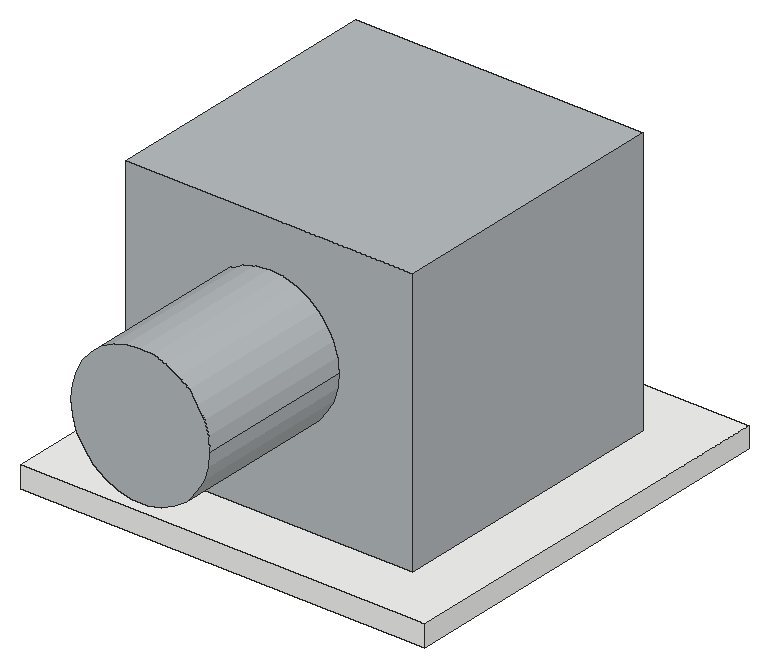
Revit family "vd-10z(s)j14_60Hz", category 機械設備, Revit 2019
Family settings
  丸型コネクタ寸法 = 直径を使用
  パーツ タイプ = 標準
  OmniClass 番号 = 23.75.35.17.27
  OmniClass タイトル = Centrifugal Fans
  作業面ベース = いいえ
  常に垂直 = はい
  ロード時にボイドで切り取り = いいえ
  共有 = いいえ
  部屋計算ポイント = はい
Parameters (values of type "VD-10ZSJ14")
  騒音レベル(dB(A)) [instance] = 29
  風量 [instance] = 130.0 m³/h
  電源種別 [instance] = ""
  電圧 = 100 V
  電動機出力 = 0 W
  電動機_種別 [instance] = ""
  運転質量 = 0.00 kg
  連動 [instance] = ""
  質量 = if(製品質量 > 運転質量, 製品質量, 運転質量) * 1.2  # 2.64 kg
  負荷分類 = 3_ファン類
  説明 = "取替専用 ダクト用換気扇 低騒音形"
  設計風量 [instance] = 0.0 m³/h
  設置方法 = "天埋"
  記号 [instance] = ""
  製造元 = "三菱電機株式会社"
  製品質量 = 2.20 kg
  製品出荷対象 = "国内"
  製品リリース年月 = "2024年6月3日"
  製品グループ = ""
  系統 [instance] = ""
  符号 [instance] = if(☑給気／□排気, "FS", "FE")  # "FE"
  積算_科目 = "2 換気設備"
  積算_拾い区分 [instance] = ""
  相 = 1
  盤記号 [instance] = ""
  発停方法 [instance] = ""
  特殊仕様 [instance] = ""
  火災停止 [instance] = ""
  消費電力 = 16 W
  法定耐用年数 = "15"
  機外静圧 [instance] = 0.0 Pa
  極数 = 2
  材質 [instance] = ""
  操作・制御方式 = ""
  操作・制御スイッチ = ""
  排気量 [instance] = if(☑給気／□排気, 0.0 m³/h, 設計風量)  # 0.0 m³/h
  形式 = "天井埋込ダクト形"
  幹線記号 [instance] = ""
  対象室 [instance] = ""
  実風量 [instance] = 0.0 m³/h
  始動方式 [instance] = "直入"
  外気量 [instance] = if(☑給気／□排気, 設計風量, 0.0 m³/h)  # 0.0 m³/h
  呼称 = "天井扇"
  周波数 = 60 Hz
  参照している仕様書等のバージョン = ""
  分類コード = "50052503100030"
  分類グループ = ""
  価格 = 27100
  企業コード = "108420"
  付属品_防振装置 = ""
  付属品 [instance] = ""
  仕様書バージョン = "Version1.0"
  モデル = "VD-10ZSJ14"
  マテリアル = 鋼板
  ファンの種類 = ""
  ダクト径 = 100 mm
  コメント [instance] = ""
  Keynote = ""
  カバーマテリアル = 合成樹脂(白)
  ☑給気／□排気 [instance] = no
  Width = 203 mm
  W1 = 286 mm
  Version = ""
  Uniclass2015Version = "Systems v1.9"
  Uniclass2015Title = "Centrifugal fans"
  Uniclass2015Code = "Pr_65_67_29_12"
  URL = "https://www.mitsubishielectric.co.jp/ldg/wink/qr/002/333572/"
  SpecificationReference = ""
  SpecificationDescription = ""
  Revision = ""
  ProductInformation = ""
  OmniClassCode = "23-33 31 19 11 15"
  MIN風量 = 0.0 m³/h
  MIN静圧 = 0.0 Pa
  MID風量 = 0.0 m³/h
  MID静圧 = 0.0 Pa
  MAX風量 = 130.0 m³/h
  MAX静圧 = 0.0 Pa
  IfcTypeProduct = ""
  IfcProduct = ""
  IfcExportType = "PROPELLORAXIAL"
  IfcExportAs = "IfcFanType"
  Height = 189 mm
  H1 = 15 mm
  EAサイズ_D = 98 mm
  Duct_Height = 107 mm
  Duct_Depth = 114 mm
  Duct_Center = 0 mm
  Depth = 203 mm
  D1 = 286 mm
  Author = "三菱電機株式会社"
Types (2, lengths in mm): name | 騒音レベル(dB(A)) | 風量 | 質量 | 製品質量 | 消費電力 | 価格 | モデル | Width | W1 | URL | MAX風量 | Height | Duct_Height | Duct_Center | Depth | D1
  VD-10ZJ14 | 26.5 | 95.0 m³/h | 2.40 kg | 2.00 kg | 9.3 W | 23900 | "VD-10ZJ14" | 171 | 250 | "https://www.mitsubishielectric.co.jp/ldg/wink/qr/002/333565/" | 95.0 m³/h | 217 | 140 | 11 | 171 | 250
  VD-10ZSJ14 | 29 | 130.0 m³/h | 2.64 kg | 2.20 kg | 16 W | 27100 | "VD-10ZSJ14" | 203 | 286 | "https://www.mitsubishielectric.co.jp/ldg/wink/qr/002/333572/" | 130.0 m³/h | 189 | 107 | 0 | 203 | 286
Reference planes
  plane 1 "中心(正面/背面)": y = 0
  plane 2: z = 0
  plane 3 "中心(左/右)": x = 0
  plane 4: x = -143
  plane 5: x = 143
  plane 6: y = 143
  plane 7: y = -143
  plane 8: x = -101.5
  plane 9: x = 101.5
  plane 10: y = 101.5
  plane 11: y = -101.5
  plane 12: y = -215.5
  plane 13: z = 189
  plane 14: z = -15
  plane 15: z = 107
  plane 16: x = 0
Forms (mm)
  Extrusion 1, solid, material "鋼板" <- "マテリアル", detail levels fine
    sketch origin (0, 0, 0) x (1, 0, 0) y (0, 1, 0)
      loop
        line (-101.5, 101.5) -> (-101.5, -101.5) -> (101.5, -101.5) -> (101.5, 101.5) -> (-101.5, 101.5)
    from 0 to 189
  Extrusion 2, solid, material "合成樹脂(白)" <- "カバーマテリアル", detail levels fine
    sketch origin (0, 0, 0) x (1, 0, 0) y (0, 1, 0)
      loop
        line (-143, 143) -> (-143, -143) -> (143, -143) -> (143, 143) -> (-143, 143)
    from 0 to -15
  Extrusion 3, solid, material "鋼板" <- "マテリアル", detail levels fine
    sketch origin (0, 0, 0) x (1, 0, 0) y (0, 0, 1)
      loop
        circle (0, 107) r 49
    from 101.5 to 215.5
Dimensions and locks
  equal spacing: plane 4, plane 3 "中心(左/右)", plane 5
  "W1": plane 4 to plane 5
  equal spacing: plane 6, plane 1 "中心(正面/背面)", plane 7
  "D1": plane 6 to plane 7
  equal spacing: plane 8, plane 3 "中心(左/右)", plane 9
  "Width": plane 8 to plane 9
  equal spacing: plane 10, plane 1 "中心(正面/背面)", plane 11
  "Depth": plane 10 to plane 11
  "Duct_Depth": plane 11 to plane 12
  "Height": plane 13 to plane 2
  "Duct_Height": plane 15 to plane 2
  "H1": plane 2 to plane 14
  "Duct_Center": plane 3 "中心(左/右)" to plane 16
  "EAサイズ_D": diameter of Extrusion 3 sketch curve
  aligned and locked: level to plane 2
  aligned and locked: plane 5 to Extrusion 2
  aligned and locked: plane 6 to Extrusion 2
  aligned and locked: Extrusion 2 to plane 4
  aligned and locked: Extrusion 2 to plane 7
  aligned and locked: plane 9 to Extrusion 1
  aligned and locked: Extrusion 1 to plane 11
  aligned and locked: Extrusion 1 to plane 8
  aligned and locked: plane 10 to Extrusion 1
  aligned and locked: plane 13 to Extrusion 1
  aligned and locked: Extrusion 2 to plane 14
  aligned and locked: level to Extrusion 2
  aligned and locked: Extrusion 1 to level
  aligned and locked: Extrusion 3 to plane 12
  aligned and locked: plane 11 to Extrusion 3
Automatic sketch dimensions
  Extrusion 1 sketch curve to plane 3 "中心(左/右)" = 101.5 mm
  plane 3 "中心(左/右)" to Extrusion 1 sketch curve = 101.5 mm
  Extrusion 2 sketch curve to plane 3 "中心(左/右)" = 143 mm
  plane 3 "中心(左/右)" to Extrusion 2 sketch curve = 143 mm
  plane 1 "中心(正面/背面)" to Extrusion 1 sketch curve = 101.5 mm
  Extrusion 1 sketch curve to plane 1 "中心(正面/背面)" = 101.5 mm
  plane 1 "中心(正面/背面)" to Extrusion 2 sketch curve = 143 mm
  Extrusion 2 sketch curve to plane 1 "中心(正面/背面)" = 143 mm
  Extrusion 3 sketch curve to plane 15 = 0 mm
  Extrusion 3 sketch curve to plane 16 = 0 mm
Nested families
  nested 1: "記号_天井換気扇_平面" at (0, 0, 0), type "記号_天井換気扇_平面", detail levels coarse+medium
Connectors
  hvac at (0, -215.5, 107), driven by "ダクト径", driven by "風量", driven by "機外静圧"
    settings: on Extrusion 3, index 1, duct flow 130.0 m³/h, flow factor 0, pres drop 0.0 Pa, loss coef 0, conn angle 0.00°, conn width 304.8 mm, conn height 304.8 mm, conn diameter 100 mm, duct sys type 3, conn prof type 0, flow config 0, flow direction 2, loss method 4, conn ref index -1, conn util no, is conn primary yes, conn desc ""
  electrical at (0, 0, 189), driven by "極数", driven by "負荷分類", driven by "電圧", driven by "消費電力"
    settings: on Extrusion 1, index 2, voltage 100 V, apparent load 16 VA, apparent load phase1 0 VA, apparent load phase2 0 VA, apparent load phase3 0 VA, power factor 1, load classification "3_ファン類", number of poles 2, system type 30, power factor state 1, is connector primary yes, connector utility no, sub classification motor no, connector description ""
Definition of nested family "記号_天井換気扇_平面"
  Reference planes
    plane 1: y = 0
    plane 2: x = 0
  Lines and regions (mm)
    detail lines
      curve 1: line (-2.5, 2.5, 0) -> (2.5, 2.5, 0)
      curve 2: line (-2.5, -2.5, 0) -> (-2.5, 2.5, 0)
      curve 3: line (2.5, -2.5, 0) -> (-2.5, -2.5, 0)
      curve 4: line (2.5, 2.5, 0) -> (2.5, -2.5, 0)
      curve 5: circle (-1.04, -1.04, 0) r 1.46 normal (0, 0, 1)
      curve 6: circle (1.04, 1.04, 0) r 1.46 normal (0, 0, 1)
      curve 7: line (-3.125, 3.125, 0) -> (3.125, 3.125, 0)
      curve 8: line (-3.125, -3.125, 0) -> (-3.125, 3.125, 0)
      curve 9: line (3.125, -3.125, 0) -> (-3.125, -3.125, 0)
      curve 10: line (3.125, 3.125, 0) -> (3.125, -3.125, 0)
      curve 11: circle (1.295, 1.295, 0) r 1.83 normal (0, 0, 1)
      curve 12: circle (-1.295, -1.295, 0) r 1.83 normal (0, 0, 1)
      curve 13: line (-2, 2, 0) -> (2, 2, 0)
      curve 14: line (-2, -2, 0) -> (-2, 2, 0)
      curve 15: line (2, -2, 0) -> (-2, -2, 0)
      curve 16: line (2, 2, 0) -> (2, -2, 0)
      curve 17: circle (0.84, 0.84, 0) r 1.16 normal (0, 0, 1)
      curve 18: circle (-0.84, -0.84, 0) r 1.2 normal (0, 0, 1)
